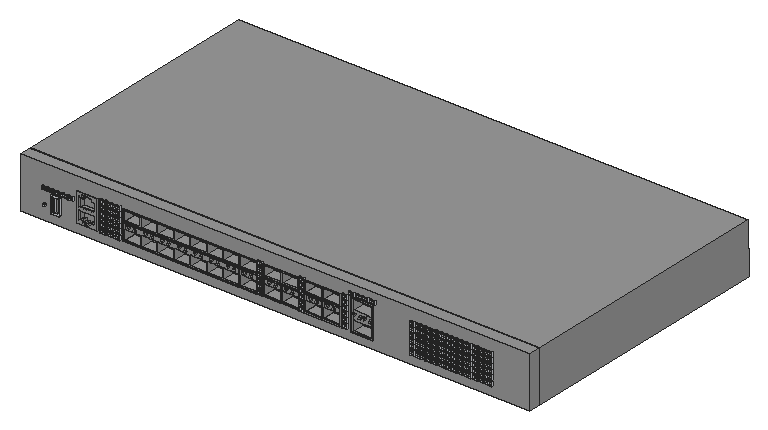
Revit family "19 Inch Switch MS400995M", category Datengeräte, Revit 2023 (continued)
Forms (mm)
  Extrusion 149, solid
    from 150.84 to 151.64
  Extrusion 150, solid
    sketch origin (125.618, 273.077, -255.382) x (1, 0, 0) y (0, 0, 1)
      loop
        line (65.586, 266.76) -> (65.586, 263.134) -> (69.459, 263.134) -> (69.459, 266.76) -> (65.586, 266.76)
      loop
        line (65.933, 266.376) -> (65.933, 263.535) -> (68.946, 263.535) -> (68.946, 266.376) -> (65.933, 266.376)
    from 150.84 to 151.64
  Extrusion 151, solid
    sketch origin (-209.128, 273.077, -232.671) x (1, 0, 0) y (0, 0, 1)
      loop
        line (65.586, 266.76) -> (65.586, 263.134) -> (69.459, 263.134) -> (69.459, 266.76) -> (65.586, 266.76)
      loop
        line (65.933, 266.376) -> (65.933, 263.535) -> (68.946, 263.535) -> (68.946, 266.376) -> (65.933, 266.376)
    from 150.84 to 151.64
  Extrusion 152, solid
    sketch origin (-204.128, 273.077, -232.671) x (1, 0, 0) y (0, 0, 1)
      loop
        line (65.586, 266.76) -> (65.586, 263.134) -> (69.459, 263.134) -> (69.459, 266.76) -> (65.586, 266.76)
      loop
        line (65.933, 266.376) -> (65.933, 263.535) -> (68.946, 263.535) -> (68.946, 266.376) -> (65.933, 266.376)
    from 150.84 to 151.64
  Extrusion 153, solid
    sketch origin (-199.907, 273.077, -232.671) x (1, 0, 0) y (0, 0, 1)
      loop
        line (65.586, 266.76) -> (65.586, 263.134) -> (69.459, 263.134) -> (69.459, 266.76) -> (65.586, 266.76)
      loop
        line (65.933, 266.376) -> (65.933, 263.535) -> (68.946, 263.535) -> (68.946, 266.376) -> (65.933, 266.376)
    from 150.84 to 151.64
  Extrusion 154, solid
    sketch origin (-195.932, 273.077, -232.671) x (1, 0, 0) y (0, 0, 1)
      loop
        line (65.586, 266.76) -> (65.586, 263.134) -> (69.459, 263.134) -> (69.459, 266.76) -> (65.586, 266.76)
      loop
        line (65.933, 266.376) -> (65.933, 263.535) -> (68.946, 263.535) -> (68.946, 266.376) -> (65.933, 266.376)
    from 150.84 to 151.64
  Extrusion 155, solid
    sketch origin (-209.128, 273.077, -236.967) x (1, 0, 0) y (0, 0, 1)
      loop
        line (65.586, 266.76) -> (65.586, 263.134) -> (69.459, 263.134) -> (69.459, 266.76) -> (65.586, 266.76)
      loop
        line (65.933, 266.376) -> (65.933, 263.535) -> (68.946, 263.535) -> (68.946, 266.376) -> (65.933, 266.376)
    from 150.84 to 151.64
  Extrusion 156, solid
    sketch origin (-204.128, 273.077, -236.967) x (1, 0, 0) y (0, 0, 1)
      loop
        line (65.586, 266.76) -> (65.586, 263.134) -> (69.459, 263.134) -> (69.459, 266.76) -> (65.586, 266.76)
      loop
        line (65.933, 266.376) -> (65.933, 263.535) -> (68.946, 263.535) -> (68.946, 266.376) -> (65.933, 266.376)
    from 150.84 to 151.64
  Extrusion 157, solid
    sketch origin (-199.907, 273.077, -236.967) x (1, 0, 0) y (0, 0, 1)
      loop
        line (65.586, 266.76) -> (65.586, 263.134) -> (69.459, 263.134) -> (69.459, 266.76) -> (65.586, 266.76)
      loop
        line (65.933, 266.376) -> (65.933, 263.535) -> (68.946, 263.535) -> (68.946, 266.376) -> (65.933, 266.376)
    from 150.84 to 151.64
  Extrusion 158, solid
    sketch origin (-195.932, 273.077, -236.967) x (1, 0, 0) y (0, 0, 1)
      loop
        line (65.586, 266.76) -> (65.586, 263.134) -> (69.459, 263.134) -> (69.459, 266.76) -> (65.586, 266.76)
      loop
        line (65.933, 266.376) -> (65.933, 263.535) -> (68.946, 263.535) -> (68.946, 266.376) -> (65.933, 266.376)
    from 150.84 to 151.64
  Extrusion 159, solid
    sketch origin (-209.128, 273.077, -241.967) x (1, 0, 0) y (0, 0, 1)
      loop
        line (65.586, 266.76) -> (65.586, 263.134) -> (69.459, 263.134) -> (69.459, 266.76) -> (65.586, 266.76)
      loop
        line (65.933, 266.376) -> (65.933, 263.535) -> (68.946, 263.535) -> (68.946, 266.376) -> (65.933, 266.376)
    from 150.84 to 151.64
  Extrusion 160, solid
    sketch origin (-204.128, 273.077, -241.967) x (1, 0, 0) y (0, 0, 1)
      loop
        line (65.586, 266.76) -> (65.586, 263.134) -> (69.459, 263.134) -> (69.459, 266.76) -> (65.586, 266.76)
      loop
        line (65.933, 266.376) -> (65.933, 263.535) -> (68.946, 263.535) -> (68.946, 266.376) -> (65.933, 266.376)
    from 150.84 to 151.64
  Extrusion 161, solid
    sketch origin (-199.907, 273.077, -241.967) x (1, 0, 0) y (0, 0, 1)
      loop
        line (65.586, 266.76) -> (65.586, 263.134) -> (69.459, 263.134) -> (69.459, 266.76) -> (65.586, 266.76)
      loop
        line (65.933, 266.376) -> (65.933, 263.535) -> (68.946, 263.535) -> (68.946, 266.376) -> (65.933, 266.376)
    from 150.84 to 151.64
  Extrusion 162, solid
    sketch origin (-195.932, 273.077, -241.967) x (1, 0, 0) y (0, 0, 1)
      loop
        line (65.586, 266.76) -> (65.586, 263.134) -> (69.459, 263.134) -> (69.459, 266.76) -> (65.586, 266.76)
      loop
        line (65.933, 266.376) -> (65.933, 263.535) -> (68.946, 263.535) -> (68.946, 266.376) -> (65.933, 266.376)
    from 150.84 to 151.64
  Extrusion 163, solid
    sketch origin (-209.128, 273.077, -246.109) x (1, 0, 0) y (0, 0, 1)
      loop
        line (65.586, 266.76) -> (65.586, 263.134) -> (69.459, 263.134) -> (69.459, 266.76) -> (65.586, 266.76)
      loop
        line (65.933, 266.376) -> (65.933, 263.535) -> (68.946, 263.535) -> (68.946, 266.376) -> (65.933, 266.376)
    from 150.84 to 151.64
  Extrusion 164, solid
    sketch origin (-204.128, 273.077, -246.109) x (1, 0, 0) y (0, 0, 1)
      loop
        line (65.586, 266.76) -> (65.586, 263.134) -> (69.459, 263.134) -> (69.459, 266.76) -> (65.586, 266.76)
      loop
        line (65.933, 266.376) -> (65.933, 263.535) -> (68.946, 263.535) -> (68.946, 266.376) -> (65.933, 266.376)
    from 150.84 to 151.64
  Extrusion 165, solid
    sketch origin (-199.907, 273.077, -246.109) x (1, 0, 0) y (0, 0, 1)
      loop
        line (65.586, 266.76) -> (65.586, 263.134) -> (69.459, 263.134) -> (69.459, 266.76) -> (65.586, 266.76)
      loop
        line (65.933, 266.376) -> (65.933, 263.535) -> (68.946, 263.535) -> (68.946, 266.376) -> (65.933, 266.376)
    from 150.84 to 151.64
  Extrusion 166, solid
    sketch origin (-195.932, 273.077, -246.109) x (1, 0, 0) y (0, 0, 1)
      loop
        line (65.586, 266.76) -> (65.586, 263.134) -> (69.459, 263.134) -> (69.459, 266.76) -> (65.586, 266.76)
      loop
        line (65.933, 266.376) -> (65.933, 263.535) -> (68.946, 263.535) -> (68.946, 266.376) -> (65.933, 266.376)
    from 150.84 to 151.64
  Extrusion 167, solid
    sketch origin (-209.128, 273.077, -250.382) x (1, 0, 0) y (0, 0, 1)
      loop
        line (65.586, 266.76) -> (65.586, 263.134) -> (69.459, 263.134) -> (69.459, 266.76) -> (65.586, 266.76)
      loop
        line (65.933, 266.376) -> (65.933, 263.535) -> (68.946, 263.535) -> (68.946, 266.376) -> (65.933, 266.376)
    from 150.84 to 151.64
  Extrusion 168, solid
    sketch origin (-204.128, 273.077, -250.382) x (1, 0, 0) y (0, 0, 1)
      loop
        line (65.586, 266.76) -> (65.586, 263.134) -> (69.459, 263.134) -> (69.459, 266.76) -> (65.586, 266.76)
      loop
        line (65.933, 266.376) -> (65.933, 263.535) -> (68.946, 263.535) -> (68.946, 266.376) -> (65.933, 266.376)
    from 150.84 to 151.64
  Extrusion 169, solid
    sketch origin (-199.907, 273.077, -250.382) x (1, 0, 0) y (0, 0, 1)
      loop
        line (65.586, 266.76) -> (65.586, 263.134) -> (69.459, 263.134) -> (69.459, 266.76) -> (65.586, 266.76)
      loop
        line (65.933, 266.376) -> (65.933, 263.535) -> (68.946, 263.535) -> (68.946, 266.376) -> (65.933, 266.376)
    from 150.84 to 151.64
  Extrusion 170, solid
    sketch origin (-195.932, 273.077, -250.382) x (1, 0, 0) y (0, 0, 1)
      loop
        line (65.586, 266.76) -> (65.586, 263.134) -> (69.459, 263.134) -> (69.459, 266.76) -> (65.586, 266.76)
      loop
        line (65.933, 266.376) -> (65.933, 263.535) -> (68.946, 263.535) -> (68.946, 266.376) -> (65.933, 266.376)
    from 150.84 to 151.64
  Extrusion 171, solid
    sketch origin (-209.128, 273.077, -255.382) x (1, 0, 0) y (0, 0, 1)
      loop
        line (65.586, 266.76) -> (65.586, 263.134) -> (69.459, 263.134) -> (69.459, 266.76) -> (65.586, 266.76)
      loop
        line (65.933, 266.376) -> (65.933, 263.535) -> (68.946, 263.535) -> (68.946, 266.376) -> (65.933, 266.376)
    from 150.84 to 151.64
  Extrusion 172, solid
    sketch origin (-204.128, 273.077, -255.382) x (1, 0, 0) y (0, 0, 1)
      loop
        line (65.586, 266.76) -> (65.586, 263.134) -> (69.459, 263.134) -> (69.459, 266.76) -> (65.586, 266.76)
      loop
        line (65.933, 266.376) -> (65.933, 263.535) -> (68.946, 263.535) -> (68.946, 266.376) -> (65.933, 266.376)
    from 150.84 to 151.64
  Extrusion 173, solid
    sketch origin (-199.907, 273.077, -255.382) x (1, 0, 0) y (0, 0, 1)
      loop
        line (65.586, 266.76) -> (65.586, 263.134) -> (69.459, 263.134) -> (69.459, 266.76) -> (65.586, 266.76)
      loop
        line (65.933, 266.376) -> (65.933, 263.535) -> (68.946, 263.535) -> (68.946, 266.376) -> (65.933, 266.376)
    from 150.84 to 151.64
  Extrusion 174, solid
    sketch origin (-195.932, 273.077, -255.382) x (1, 0, 0) y (0, 0, 1)
      loop
        line (65.586, 266.76) -> (65.586, 263.134) -> (69.459, 263.134) -> (69.459, 266.76) -> (65.586, 266.76)
      loop
        line (65.933, 266.376) -> (65.933, 263.535) -> (68.946, 263.535) -> (68.946, 266.376) -> (65.933, 266.376)
    from 150.84 to 151.64
  Extrusion 175, solid
    sketch origin (-37.181, 273.077, -232.366) x (1, 0, 0) y (0, 0, 1)
      loop
        line (65.586, 266.76) -> (65.586, 263.134) -> (69.459, 263.134) -> (69.459, 266.76) -> (65.586, 266.76)
      loop
        line (65.933, 266.376) -> (65.933, 263.535) -> (68.946, 263.535) -> (68.946, 266.376) -> (65.933, 266.376)
    from 150.84 to 151.64
  Extrusion 176, solid
    sketch origin (-37.181, 273.077, -236.758) x (1, 0, 0) y (0, 0, 1)
      loop
        line (65.586, 266.76) -> (65.586, 263.134) -> (69.459, 263.134) -> (69.459, 266.76) -> (65.586, 266.76)
      loop
        line (65.933, 266.376) -> (65.933, 263.535) -> (68.946, 263.535) -> (68.946, 266.376) -> (65.933, 266.376)
    from 150.84 to 151.64
  Extrusion 177, solid
    sketch origin (-37.181, 273.077, -241.201) x (1, 0, 0) y (0, 0, 1)
      loop
        line (65.586, 266.76) -> (65.586, 263.134) -> (69.459, 263.134) -> (69.459, 266.76) -> (65.586, 266.76)
      loop
        line (65.933, 266.376) -> (65.933, 263.535) -> (68.946, 263.535) -> (68.946, 266.376) -> (65.933, 266.376)
    from 150.84 to 151.64
  Extrusion 178, solid
    sketch origin (-37.181, 273.077, -245.578) x (1, 0, 0) y (0, 0, 1)
      loop
        line (65.586, 266.76) -> (65.586, 263.134) -> (69.459, 263.134) -> (69.459, 266.76) -> (65.586, 266.76)
      loop
        line (65.933, 266.376) -> (65.933, 263.535) -> (68.946, 263.535) -> (68.946, 266.376) -> (65.933, 266.376)
    from 150.84 to 151.64
  Extrusion 179, solid
    sketch origin (-37.181, 273.077, -250.086) x (1, 0, 0) y (0, 0, 1)
      loop
        line (65.586, 266.76) -> (65.586, 263.134) -> (69.459, 263.134) -> (69.459, 266.76) -> (65.586, 266.76)
      loop
        line (65.933, 266.376) -> (65.933, 263.535) -> (68.946, 263.535) -> (68.946, 266.376) -> (65.933, 266.376)
    from 150.84 to 151.64
  Extrusion 180, solid
    sketch origin (-37.181, 273.077, -255.086) x (1, 0, 0) y (0, 0, 1)
      loop
        line (65.586, 266.76) -> (65.586, 263.134) -> (69.459, 263.134) -> (69.459, 266.76) -> (65.586, 266.76)
      loop
        line (65.933, 266.376) -> (65.933, 263.535) -> (68.946, 263.535) -> (68.946, 266.376) -> (65.933, 266.376)
    from 150.84 to 151.64
  Extrusion 181, solid
    sketch origin (-73.162, 273.077, -232.366) x (1, 0, 0) y (0, 0, 1)
      loop
        line (65.586, 266.76) -> (65.586, 263.134) -> (69.459, 263.134) -> (69.459, 266.76) -> (65.586, 266.76)
      loop
        line (65.933, 266.376) -> (65.933, 263.535) -> (68.946, 263.535) -> (68.946, 266.376) -> (65.933, 266.376)
    from 150.84 to 151.64
  Extrusion 182, solid
    sketch origin (-73.162, 273.077, -236.758) x (1, 0, 0) y (0, 0, 1)
      loop
        line (65.586, 266.76) -> (65.586, 263.134) -> (69.459, 263.134) -> (69.459, 266.76) -> (65.586, 266.76)
      loop
        line (65.933, 266.376) -> (65.933, 263.535) -> (68.946, 263.535) -> (68.946, 266.376) -> (65.933, 266.376)
    from 150.84 to 151.64
  Extrusion 183, solid
    sketch origin (-73.162, 273.077, -241.201) x (1, 0, 0) y (0, 0, 1)
      loop
        line (65.586, 266.76) -> (65.586, 263.134) -> (69.459, 263.134) -> (69.459, 266.76) -> (65.586, 266.76)
      loop
        line (65.933, 266.376) -> (65.933, 263.535) -> (68.946, 263.535) -> (68.946, 266.376) -> (65.933, 266.376)
    from 150.84 to 151.64
  Extrusion 184, solid
    sketch origin (-73.162, 273.077, -245.578) x (1, 0, 0) y (0, 0, 1)
      loop
        line (65.586, 266.76) -> (65.586, 263.134) -> (69.459, 263.134) -> (69.459, 266.76) -> (65.586, 266.76)
      loop
        line (65.933, 266.376) -> (65.933, 263.535) -> (68.946, 263.535) -> (68.946, 266.376) -> (65.933, 266.376)
    from 150.84 to 151.64
  Extrusion 185, solid
    sketch origin (-73.162, 273.077, -250.086) x (1, 0, 0) y (0, 0, 1)
      loop
        line (65.586, 266.76) -> (65.586, 263.134) -> (69.459, 263.134) -> (69.459, 266.76) -> (65.586, 266.76)
      loop
        line (65.933, 266.376) -> (65.933, 263.535) -> (68.946, 263.535) -> (68.946, 266.376) -> (65.933, 266.376)
    from 150.84 to 151.64
  Extrusion 186, solid
    sketch origin (-73.162, 273.077, -255.086) x (1, 0, 0) y (0, 0, 1)
      loop
        line (65.586, 266.76) -> (65.586, 263.134) -> (69.459, 263.134) -> (69.459, 266.76) -> (65.586, 266.76)
      loop
        line (65.933, 266.376) -> (65.933, 263.535) -> (68.946, 263.535) -> (68.946, 266.376) -> (65.933, 266.376)
    from 150.84 to 151.64
  Extrusion 187, solid
    sketch origin (6.066, 273.077, -228.119) x (1, 0, 0) y (0, 0, 1)
      loop
        line (65.134, 266.306) -> (65.134, 263.552) -> (69.837, 263.552) -> (69.837, 266.306) -> (65.134, 266.306)
      loop
        line (65.402, 266.123) -> (65.402, 263.778) -> (69.526, 263.778) -> (69.526, 266.123) -> (65.402, 266.123)
    from 150.84 to 151.64
  Extrusion 188, solid
    sketch origin (12.617, 273.077, -228.119) x (1, 0, 0) y (0, 0, 1)
      loop
        line (65.134, 266.306) -> (65.134, 263.552) -> (69.837, 263.552) -> (69.837, 266.306) -> (65.134, 266.306)
      loop
        line (65.402, 266.123) -> (65.402, 263.778) -> (69.526, 263.778) -> (69.526, 266.123) -> (65.402, 266.123)
    from 150.84 to 151.64
  Extrusion 189, solid
    sketch origin (18.223, 273.077, -228.119) x (1, 0, 0) y (0, 0, 1)
      loop
        line (65.134, 266.306) -> (65.134, 263.552) -> (69.837, 263.552) -> (69.837, 266.306) -> (65.134, 266.306)
      loop
        line (65.402, 266.123) -> (65.402, 263.778) -> (69.526, 263.778) -> (69.526, 266.123) -> (65.402, 266.123)
    from 150.84 to 151.64
  Extrusion 190, solid
    sketch origin (24.237, 273.077, -228.119) x (1, 0, 0) y (0, 0, 1)
      loop
        line (65.134, 266.306) -> (65.134, 263.552) -> (69.837, 263.552) -> (69.837, 266.306) -> (65.134, 266.306)
      loop
        line (65.402, 266.123) -> (65.402, 263.778) -> (69.526, 263.778) -> (69.526, 266.123) -> (65.402, 266.123)
    from 150.84 to 151.64
  Extrusion 191, solid
    sketch origin (-258.919, 273.077, -239.442) x (1, 0, 0) y (0, 0, 1)
      loop
        line (65.134, 266.306) -> (65.134, 263.552) -> (69.454, 263.552) -> (69.454, 266.306) -> (65.134, 266.306)
      loop
        line (65.402, 266.123) -> (65.402, 263.778) -> (69.186, 263.778) -> (69.186, 266.123) -> (65.402, 266.123)
    from 150.84 to 151.64
  Extrusion 192, solid
    sketch origin (-254.471, 273.077, -239.442) x (1, 0, 0) y (0, 0, 1)
      loop
        line (65.134, 266.306) -> (65.134, 263.552) -> (69.454, 263.552) -> (69.454, 266.306) -> (65.134, 266.306)
      loop
        line (65.402, 266.123) -> (65.402, 263.778) -> (69.186, 263.778) -> (69.186, 266.123) -> (65.402, 266.123)
    from 150.84 to 151.64
  Extrusion 193, solid
    sketch origin (-250.037, 273.077, -239.442) x (1, 0, 0) y (0, 0, 1)
      loop
        line (65.134, 266.306) -> (65.134, 263.552) -> (69.454, 263.552) -> (69.454, 266.306) -> (65.134, 266.306)
      loop
        line (65.402, 266.123) -> (65.402, 263.778) -> (69.186, 263.778) -> (69.186, 266.123) -> (65.402, 266.123)
    from 150.84 to 151.64
  Extrusion 194, solid
    sketch origin (-245.511, 273.077, -239.442) x (1, 0, 0) y (0, 0, 1)
      loop
        line (65.134, 266.306) -> (65.134, 263.552) -> (69.454, 263.552) -> (69.454, 266.306) -> (65.134, 266.306)
      loop
        line (65.402, 266.123) -> (65.402, 263.778) -> (69.186, 263.778) -> (69.186, 266.123) -> (65.402, 266.123)
    from 150.84 to 151.64
  Extrusion 195, solid
    sketch origin (-240.921, 273.077, -239.442) x (1, 0, 0) y (0, 0, 1)
      loop
        line (65.134, 266.306) -> (65.134, 263.552) -> (69.454, 263.552) -> (69.454, 266.306) -> (65.134, 266.306)
      loop
        line (65.402, 266.123) -> (65.402, 263.778) -> (69.186, 263.778) -> (69.186, 266.123) -> (65.402, 266.123)
    from 150.84 to 151.64
  Extrusion 196, solid
    sketch origin (-236.303, 273.077, -239.442) x (1, 0, 0) y (0, 0, 1)
      loop
        line (65.134, 266.306) -> (65.134, 263.552) -> (69.454, 263.552) -> (69.454, 266.306) -> (65.134, 266.306)
      loop
        line (65.402, 266.123) -> (65.402, 263.778) -> (69.186, 263.778) -> (69.186, 266.123) -> (65.402, 266.123)
    from 150.84 to 151.64
Cuts and joins
  Extrusion 5, Extrusion 9, Extrusion 11, Extrusion 13, Extrusion 15, Extrusion 16, Extrusion 17, Extrusion 19, Extrusion 21, Extrusion 23, Extrusion 25, Extrusion 27, Extrusion 29, Extrusion 31, Extrusion 33, Extrusion 34, Extrusion 35, Extrusion 36, Extrusion 37, Extrusion 38, Extrusion 39, Extrusion 40, Extrusion 41, Extrusion 42, Extrusion 43, Extrusion 44, Extrusion 45, Extrusion 47, Extrusion 48 cuts Extrusion 1
  Extrusion 9, Extrusion 11, Extrusion 13, Extrusion 15, Extrusion 19, Extrusion 21, Extrusion 23, Extrusion 25, Extrusion 27, Extrusion 29, Extrusion 31, Extrusion 33, Extrusion 34, Extrusion 35, Extrusion 36, Extrusion 37, Extrusion 38, Extrusion 39, Extrusion 40, Extrusion 41, Extrusion 42, Extrusion 43, Extrusion 44, Extrusion 45, Extrusion 47, Extrusion 48 cuts Extrusion 6
Dimensions and locks
  aligned and locked: cut or joined group of Extrusion 1, Extrusion 5, Extrusion 9, Extrusion 11, Extrusion 13, Extrusion 15, Extrusion 16, Extrusion 17, Extrusion 19, Extrusion 21, Extrusion 23, Extrusion 25, Extrusion 27, Extrusion 29, Extrusion 31, Extrusion 33, Extrusion 34, Extrusion 35, Extrusion 36, Extrusion 37, Extrusion 38, Extrusion 39, Extrusion 40, Extrusion 41, Extrusion 42, Extrusion 43, Extrusion 44, Extrusion 45, Extrusion 47, Extrusion 48 to Extrusion 6 sketch curve
  aligned and locked: Extrusion 49 to Extrusion 2
